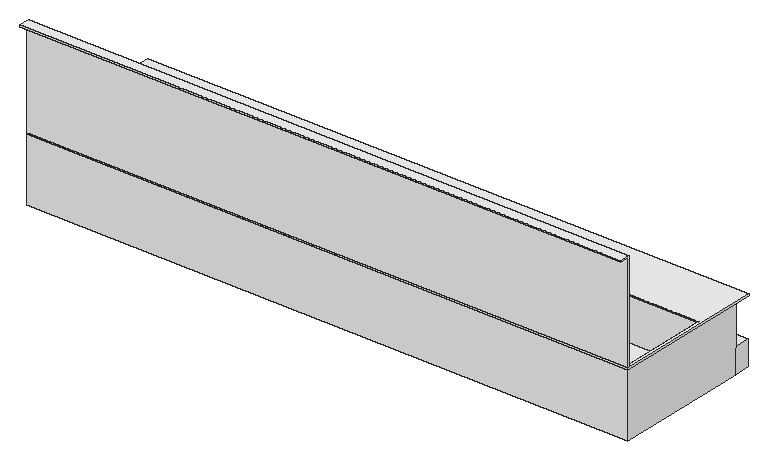
Revit family "SAE202", category Lighting Fixtures, host Face, Revit 2021
Family settings
  Host = Face
  Round Connector Dimension = Use Diameter
  Part Type = Normal
  OmniClass Number = 23.80.70.11.14.17
  OmniClass Title = Direct/Indirect
  Cut with Voids When Loaded = No
  Light Source = Yes
  Shared = Yes
  Room Calculation Point = No
Parameters (values of type "SAE202-02")
  Wattage = 5.41 W
  Warranty = "5-Years Warranty"
  built-in parameter 1150110 = 1 (stored number, unit not read)
  Voltage = 120 V
  Type Comments = "Lighting FIxture"  # constant formula
  built-in parameter 1114217 = 1 (stored number, unit not read)
  Tilt Angle = -90.00°
  built-in parameter 1150109 = 1 (stored number, unit not read)
  built-in parameter 1150134 = (empty or 0)
  built-in parameter 1150113 = 1 (stored number, unit not read)
  Shielding Position = "Regressed Lens/Sheilding at Top"  # constant formula
  Product Page URL = ""
  Product Documentation Link = ""
  Power Factor = 1
  Photometric Web File = "SAE202-XX-2-S-SGL-CX-35K-D040.ies"
  Photometric Notes = "More IES files download on Photometric Web Link"  # constant formula
  Row Length = 2' - 0"
  Wattage Comments = "86 lumens/watt"  # constant formula
  URL = "https://www.currentlighting.com/litecontrol"
  Model = "SAE202"  # constant formula
  Manufacturer = "Litecontrol"  # constant formula
  built-in parameter 1150105 = 31.858 (stored number, unit not read)
  Lumens = 400.34 lm
  built-in parameter 1150115 = 1 (stored number, unit not read)
  Load Classification = Lighting
  built-in parameter 1150137 = (empty or 0)
  built-in parameter 1150139 = (empty or 0)
  built-in parameter 1150112 = 1 (stored number, unit not read)
  built-in parameter 1150114 = 1 (stored number, unit not read)
  Lamp = "LED's"  # constant formula
  Is S/SG Grid = yes
  Is S/SG  Draywall = not([Is S/SG Grid])  # no
  built-in parameter 1150132 = (empty or 0)
  built-in parameter 1150102 = (empty or 0)
  built-in parameter 1150107 = 3500 (stored number, unit not read)
  built-in parameter 1150138 = (empty or 0)
  built-in parameter 1150106 = 0.31858 (stored number, unit not read)
  Glass = White Glass
  Emit from Rectangle Width = 0' - 4"  # constant formula
  Emit from Rectangle Length = Row Length - 0' 2"  # 1' - 10"
  Emit Shape Visible in Rendering = no
  built-in parameter 1150104 = 6.8748 (stored number, unit not read)
  Dimming Lamp Color Temperature Shift = <None>
  Diffuser = "Blade Baffle with Overlay/Soft Glow Lens"  # constant formula
  Description = "Recessed LED Wall/Slot"  # constant formula
  Default Elevation = 4' - 0"
  Copyright = "Copyright ©  Litecontrol"  # constant formula
  Contact Us = ""
  Color Filter = 16777215
  Circuiting = "1 Circuit"  # constant formula
  built-in parameter 1114218 = 1 (stored number, unit not read)
  Housing Material = Paint - Matte White
  built-in parameter 1150133 = 10 (stored number, unit not read)
  Assembly Code = "D5020200"
  Apparent Load = 0 VA
Types (6): name | Row Length | Emit from Rectangle Length
  (no name) | 2' - 0" | 1' - 10"
  SAE202-02 | 2' - 0" | 1' - 10"
  SAE202-03 | 3' - 0" | 2' - 10"
  SAE202-04 | 4' - 0" | 3' - 10"
  SAE202-06 | 6' - 0" | 5' - 10"
  SAE202-08 | 8' - 0" | 7' - 10"
Reference planes (in)
  plane 1 "Center (Front/Back)": y = 13.01342
  plane 2: z = 0
  plane 3 "Center (Left/Right)": x = 0
Dimensions and locks (in)
  aligned and locked: plane 2 to host face
  aligned and locked: level to host face
  aligned and locked: plane 3 "Center (Left/Right)" to imposter light
  aligned and locked: plane 1 "Center (Front/Back)" to imposter light
  aligned and locked: plane 1 "Center (Front/Back)" to nested 1
  aligned and locked: plane 3 "Center (Left/Right)" to nested 1
Nested families (in)
  nested 1: "202" at (-0.01104, 12.97343, 0), Row Length <- "Row Length", Glass <- "Glass", Backbox <- "Housing Material", type "202"
    with Row Length 2' - 0", Glass White Glass, Backbox Paint - Matte White, zz Length 2 0' - 3 1/2", zz Length 1 0' - 2 77/128", Is Grid yes, Is Drywall no
Connectors (in)
  electrical at (0, 13.01342, 0), driven by "Load Classification", driven by "Voltage", driven by "Apparent Load", driven by "Power Factor"
    settings: on nested 1, index 1, voltage 120 V, apparent load 0 VA, apparent load phase1 0 VA, apparent load phase2 0 VA, apparent load phase3 0 VA, power factor 1, load classification "Lighting", number of poles 1, system type 30, power factor state 1, is connector primary yes, connector utility no, sub classification motor no, connector description "Electrical Connector"
Definition of nested family "202"
  Parameters
    zz Length 2 = if(Is Grid, 0' 3 1/2", 0' 5 1/8")  # 0' - 5 1/8"
    zz Length 1 = if(Is Grid, 0' 2 77/128", 0' 4 115/128")  # 0' - 4 115/128"
    Wattage Comments = ""
    URL = ""
    Model = ""
    Manufacturer = ""
    Row Length [instance] = 3' - 0"
    Lamp = ""
    Is Grid = no
    Is Drywall = not(Is Grid)  # yes
    Glass [instance] = none
    Description = ""
    Default Elevation = 4' - 0"
    Backbox [instance] = none
    Apparent Load = 0 VA
  Reference planes (in)
    plane 1 "Center (Front/Back)": y = 0.03999
    plane 2: z = 0
    plane 3 "Center (Left/Right)": x = 0.01104
    plane 4: x = -17.98896
    plane 5: x = 18.01104
    plane 6: y = 2.73999
    plane 7: y = -2.66001
    plane 8: z = 4.89844
    plane 9: z = 6.6
    plane 10: y = 3.36499
    plane 11: z = 1
    plane 12: z = 4.83594
    plane 13: x = -17.86396
    plane 14: x = 17.88604
    plane 15: y = -2.59751
    plane 16: z = 6.5375
    plane 17: y = -3.0001
    plane 18: y = 2.65249
    plane 19: y = -2.47251
    plane 20: z = 0.875
  Forms (in)
    Extrusion 1, solid
      sketch origin (0, 0, 0.06357) x (1, 0, 0) y (0, 1, 0)
        loop
          line (-48, 48) -> (-48, -48) -> (48, -48) -> (48, 48) -> (-48, 48)
      from -0.06357 to -12.81105
    Extrusion 2, solid, material <- "Backbox"
      sketch origin (0, 0, 0) x (1, 0, 0) y (0, 1, 0)
        loop
          line (-17.98896, 2.73999) -> (-17.98896, -2.66001) -> (18.01104, -2.66001) -> (18.01104, 2.73999) -> (-17.98896, 2.73999)
      from 0 to 4.83594
    Extrusion 3, solid, material <- "Backbox"
      sketch origin (0, 0, 0) x (1, 0, 0) y (0, 1, 0)
        loop
          line (-17.98896, 3.36499) -> (-17.98896, 2.73999) -> (18.01104, 2.73999) -> (18.01104, 3.36499) -> (-17.98896, 3.36499)
      from 0 to 1
    Extrusion 4, solid, material <- "Backbox"
      sketch origin (0, 0, 0) x (1, 0, 0) y (0, 1, 0)
        loop
          line (-17.98896, 3.36499) -> (-17.98896, -2.66001) -> (18.01104, -2.66001) -> (18.01104, 3.36499) -> (-17.98896, 3.36499)
      from 4.83594 to 4.89844
    Extrusion 5, solid, material <- "Backbox"
      sketch origin (0.01104, 0, 0) x (0, 1, 0) y (0, 0, 1)
        loop
          line (-2.59751, 4.89844) -> (-2.59751, 6.6) -> (-3.0001, 6.6) -> (-3.0001, 6.5375) -> (-2.66001, 6.5375) -> (-2.66001, 4.89844) -> (-2.59751, 4.89844)
      from -18 to 18
    Extrusion 6, void
      sketch origin (0, 0, 0) x (1, 0, 0) y (0, 1, 0)
        loop
          line (-17.86396, 2.65249) -> (-17.86396, -2.47251) -> (17.88604, -2.47251) -> (17.88604, 2.65249) -> (-17.86396, 2.65249)
      from 0.875 to 4.89844
    Extrusion 7, solid, material <- "Glass"
      sketch origin (0, 0, 0) x (1, 0, 0) y (0, 1, 0)
        loop
          line (-17.86396, 2.65249) -> (-17.86396, -2.47251) -> (17.88604, -2.47251) -> (17.88604, 2.65249) -> (-17.86396, 2.65249)
      from 4.83594 to 4.89844
  Cuts and joins
    Extrusion 6 cuts Extrusion 2
    Extrusion 6 cuts Extrusion 4
  Dimensions and locks (in)
    equal spacing: plane 4, plane 3 "Center (Left/Right)", plane 5
    "Row Length": plane 4 to plane 5
    equal spacing: plane 6, plane 1 "Center (Front/Back)", plane 7
    locked: plane 6 to plane 7 at 5.4
    "zz Length 1": plane 8 to plane 2
    locked: plane 9 to plane 2 at 6.6
    locked: plane 10 to plane 6 at 0.625
    plane 11 to plane 2 = 0' - 1"
    locked: plane 8 to plane 12 at 0.0625
    plane 9 to plane 8 = 0' - 1.70156"
    locked: plane 4 to plane 13 at 0.125
    locked: plane 14 to plane 5 at 0.125
    locked: plane 15 to plane 7 at 0.0625
    plane 9 to plane 16 = 0' - 0 1/16"
    locked: plane 15 to plane 17 at 0.40259
    locked: plane 11 to plane 20 at 0.125
    locked: plane 19 to plane 15 at 0.125
    "zz Length 2": plane 18 to plane 19
    aligned and locked: plane 2 to Extrusion 1
    aligned and locked: Extrusion 2 sketch curve to plane 6
    aligned and locked: plane 4 to Extrusion 2 sketch curve
    aligned and locked: plane 7 to Extrusion 2 sketch curve
    aligned and locked: Extrusion 2 sketch curve to plane 5
    aligned and locked: Extrusion 3 sketch curve to plane 10
    aligned and locked: plane 4 to Extrusion 3 sketch curve
    aligned and locked: plane 11 to Extrusion 3
    aligned and locked: plane 12 to Extrusion 2
    aligned and locked: Extrusion 4 to Extrusion 2
    aligned and locked: plane 8 to Extrusion 4
    aligned and locked: Extrusion 5 to plane 16
    aligned and locked: plane 17 to Extrusion 5
    aligned and locked: Extrusion 5 to plane 4
    aligned and locked: plane 5 to Extrusion 5
    aligned and locked: Extrusion 6 sketch curve to plane 18
    aligned and locked: plane 13 to Extrusion 6 sketch curve
    aligned and locked: plane 19 to Extrusion 6 sketch curve
    aligned and locked: plane 14 to Extrusion 6 sketch curve
    aligned and locked: plane 8 to Extrusion 6
    aligned and locked: Extrusion 6 to plane 20
    aligned and locked: Extrusion 7 sketch curve to cut or joined group of Extrusion 2, Extrusion 6  (x4)
    aligned and locked: Extrusion 7 to plane 12
    aligned and locked: plane 8 to Extrusion 7
    aligned and locked: Extrusion 3 to plane 2
    aligned and locked: plane 10 to Extrusion 4
    aligned and locked: plane 15 to Extrusion 5
    aligned and locked: Extrusion 5 to plane 7
    aligned and locked: Extrusion 5 to plane 8
    aligned and locked: plane 9 to Extrusion 5
  Automatic sketch dimensions
    Extrusion 1 sketch curve to Extrusion 1 sketch curve = 8' - 0"  (x2)
    plane 9 to Extrusion 5 sketch curve = 0' - 0"
    Extrusion 5 sketch curve to plane 7 = 0' - 0"
    plane 15 to Extrusion 5 sketch curve = 0' - 0"
    plane 8 to Extrusion 5 sketch curve = 0' - 0"
    Extrusion 5 sketch curve to plane 9 = 0' - 0 1/16"
    Extrusion 5 sketch curve to plane 7 = 0' - 0.34009"
    Extrusion 4 sketch curve to plane 4 = 0' - 0"
    plane 10 to Extrusion 4 sketch curve = 0' - 0"
    Extrusion 3 sketch curve to plane 5 = 0' - 0"
    Extrusion 3 sketch curve to plane 6 = 0' - 0"
    Extrusion 4 sketch curve to plane 5 = 0' - 0"
    Extrusion 4 sketch curve to plane 7 = 0' - 0"
